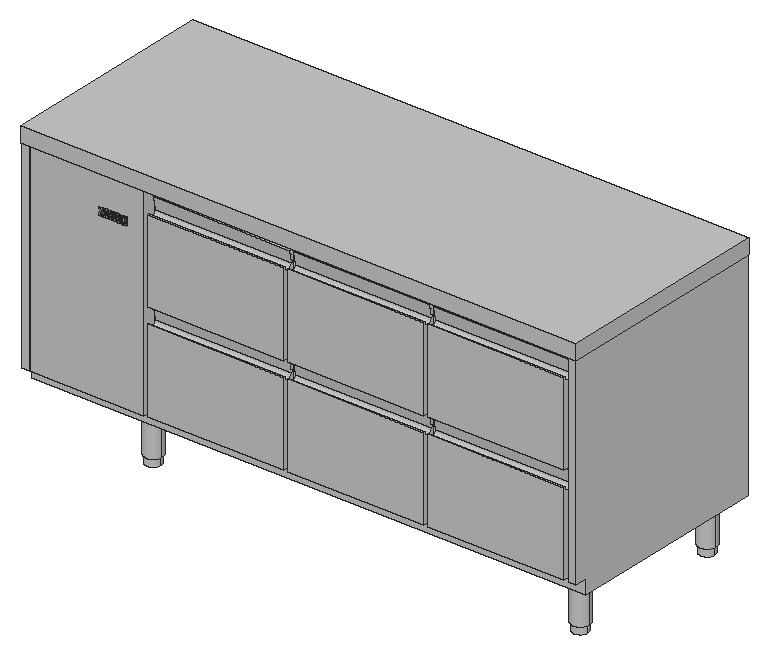
Revit family "QF_ZANUSSI_111047_ZH3HBBBB", category Specialty Equipment, Revit 2018
Family settings
  Round Connector Dimension = Use Diameter
  Part Type = Normal
  Work Plane-Based = No
  Always vertical = Yes
  Cut with Voids When Loaded = No
  Shared = No
  Room Calculation Point = No
Parameters
  Weight = 0.00 kg
  Watts = 0.0232258 W
  Volts = 220 V
  URL Manufacturer = "http://www.zanussiprofessional.com/"
  URL = "http://www.zanussiprofessional.com/"
  Steam Supply Size = 0 mm
  Steam Supply Minimum Pressure = 0.0 Pa
  Steam Supply Maximum Pressure = 0.0 Pa
  Steam Pounds per Hour = 0
  Show Logo [instance] = yes
  Show Clearance [instance] = yes
  Refrigeration Suction Line Size = 0 mm
  Refrigeration Liquid Line Size = 0 mm
  Refrigerant Compressor Remote = yes
  Manufacturer = "Zanussi"
  Phase = 1
  Model = "ZH3HBBBB"
  Length Actual = 1799 mm  # constant formula
  Item Number = "111047"
  Hot Water Size = 0 mm
  Height Actual = 900 mm  # constant formula
  HP = "0.3 HP"
  Gas Size = 0 mm
  Gas KW = 0
  Gas Input Pressure = 0 W
  Description = "6 DRAWERS REFRIG.TABLE 440L"
  Depth Actual = 700 mm  # constant formula
  Cycle = 50 Hz
  Condensate Return Size = 0 mm
  Compressed Air Volume = 0.0 L/s
  Compressed Air Size = 0 mm
  Compressed Air Pressure = 0.0 Pa
  Cold Water Size = 0 mm
  Accessory = yes
Reference planes
  plane 1 "Center X": y = 182.5
  plane 2: z = 0
  plane 3 "Center Y": x = -353.5
  plane 4: y = -62.5
  plane 5: y = 451.5
  plane 6 "BACK": y = 532.5
  plane 7 "FRONT": y = -167.5
  plane 8: x = -906
  plane 9: x = 478
  plane 10: z = 150
  plane 11 "TOP": z = 900
  plane 12: z = 850
  plane 13 "LEFT": x = -1251
  plane 14 "RIGHT": x = 544
  plane 15: x = -1253
  plane 16: x = 546
Forms (mm)
  Extrusion 1, solid, material "QF_Finishes_Stainless Steel"
    sketch origin (-353.5, 2, 0) x (0, 1, 0) y (0, 0, 1)
      loop
        line (530.5, 150) -> (530.5, 850) -> (-124.5, 850) -> (-124.5, 150) -> (530.5, 150)
    from -897.5 to 897.5
  Extrusion 2, solid, material "QF_Finishes_Stainless Steel"
    sketch origin (-1022.223, -1524, 150) x (-1, 0, 0) y (0, -1, 0)
      loop
        line (228.777, -1361.5) -> (203.777, -1361.5) -> (203.777, -1401.5) -> (228.777, -1401.5) -> (228.777, -1361.5)
      loop
        line (-1566.223, -1401.5) -> (-1541.223, -1401.5) -> (-1541.223, -1361.5) -> (-1566.223, -1361.5) -> (-1566.223, -1401.5)
    from 47 to 700
  Extrusion 3, solid, material "QF_Finishes_Stainless Steel"
    sketch origin (0, 0, 900) x (-1, 0, 0) y (0, -1, 0)
      loop
        circle (170, -94.5) r 8.45
    from -790.577 to -750
  Extrusion 4, solid, material "QF_Finishes_Stainless Steel"
    sketch origin (0, 0, 0) x (1, 0, 0) y (0, 1, 0)
      loop
        circle (-1167, 451.5) r 4
    from 109.423 to 150
  Extrusion 5, solid, material "QF_Finishes_Stainless Steel"
    sketch origin (-126.5, 0, 0) x (0, 1, 0) y (0, 0, 1)
      loop
        line (-167.5, 900) -> (-167.5, 850) -> (532.5, 850) -> (532.5, 900) -> (-167.5, 900)
    from 672.5 to -1126.5
Cuts and joins
  joined: Extrusion 1, Extrusion 2
Lines and regions (mm)
  symbolic lines, style "SpecialityEquipmentHiddenLines"
    curve 1: line (-1253, -122.5, 900) -> (546, -122.5, 900)
    curve 2: line (-850, -167.5, 900) -> (-850, -122.5, 900)
  symbolic lines, style "SpecialityEquipment"
    curve 3: line (-1253, 532.5, 900) -> (546, 532.5, 900)
    curve 4: line (-1253, 532.5, 900) -> (-1253, -167.5, 900)
    curve 5: line (-1253, -167.5, 900) -> (546, -167.5, 900)
    curve 6: line (546, -167.5, 900) -> (546, 532.5, 900)
Dimensions and locks
  locked: plane 6 "BACK" to plane 7 "FRONT" at 700
  equal spacing: plane 6 "BACK", plane 1 "Center X", plane 7 "FRONT"
  locked: plane 6 "BACK" to plane 5 at 81
  plane 10 to level = 150 mm
  plane 11 "TOP" to plane 12 to plane 10 = 50 mm locked, 700 mm locked
  locked: Extrusion 2 sketch curve to Extrusion 2 sketch curve at 25  (x2)
  locked: plane 4 to plane 7 "FRONT" at 105
  locked: plane 6 "BACK" to Extrusion 3 sketch curve at 438
  equal spacing: plane 13 "LEFT", plane 3 "Center Y", plane 14 "RIGHT"
  plane 15 to plane 16 = 1799 mm
  locked: plane 13 "LEFT" to plane 8 at 345
  locked: plane 9 to plane 14 "RIGHT" at 66
  Extrusion 3 sketch curve to plane 14 "RIGHT" = 714 mm
  plane 13 "LEFT" to Extrusion 4 sketch curve = 84 mm
  locked: plane 6 "BACK" to Extrusion 4 sketch curve at 81
  locked: plane 10 to Extrusion 4 at 40.577
  aligned and locked: level to plane 2
  aligned and locked: plane 10 to Extrusion 3
  aligned and locked: nested 4 to plane 4
  aligned and locked: nested 1 to plane 4
  aligned and locked: nested 3 to plane 5
  aligned and locked: nested 2 to plane 5
  aligned and locked: plane 8 to nested 1
  aligned and locked: plane 8 to nested 2
  aligned and locked: plane 9 to nested 4
  aligned and locked: plane 9 to nested 3
  aligned and locked: Extrusion 1 to Extrusion 2
  aligned and locked: Extrusion 2 to Extrusion 1
  aligned and locked: Extrusion 2 sketch curve to plane 14 "RIGHT"
  aligned and locked: plane 13 "LEFT" to Extrusion 2 sketch curve
  aligned and locked: cut or joined group of Extrusion 1, Extrusion 2 to plane 10
  aligned and locked: plane 12 to cut or joined group of Extrusion 1, Extrusion 2
  aligned and locked: plane 10 to Extrusion 4
Automatic sketch dimensions
  plane 7 "FRONT" to Extrusion 2 sketch curve = 45 mm  (x2)
  plane 7 "FRONT" to Extrusion 2 sketch curve = 5 mm  (x2)
  Extrusion 1 sketch curve to plane 10 = 0 mm
  Extrusion 1 sketch curve to plane 12 = 0 mm
  Extrusion 1 sketch curve to plane 6 "BACK" = 0 mm
  plane 7 "FRONT" to Extrusion 1 sketch curve = 45 mm
  Extrusion 5 sketch curve to plane 7 "FRONT" = 0 mm
  Extrusion 5 sketch curve to plane 6 "BACK" = 0 mm
  Extrusion 5 sketch curve to plane 12 = 0 mm
  Extrusion 5 sketch curve to plane 11 "TOP" = 0 mm
  curve 6 to plane 6 "BACK" = 0 mm
  curve 6 to plane 16 = 0 mm
  curve 2 to plane 7 "FRONT" = 0 mm
  curve 5 to plane 15 = 0 mm
  plane 8 to curve 2 = 56 mm
  curve 1 to curve 4 = 45 mm
  radius of Extrusion 3 sketch curve = 8.45 mm
  radius of Extrusion 4 sketch curve = 4 mm
Nested families
  nested 1: "Foot_Ø50_H150" at (-906, -62.5, 0), type "Foot_Ø50_H150"
  nested 2: "Foot_Ø50_H150" at (-906, 451.5, 0), type "Foot_Ø50_H150"
  nested 3: "Foot_Ø50_H150" at (478, 451.5, 0), type "Foot_Ø50_H150"
  nested 4: "Foot_Ø50_H150" at (478, -62.5, 0), type "Foot_Ø50_H150"
  nested 5: "2 Drawers" at (285, -164.5, 0), Show Clearance <- "Show Clearance", type "2 Drawers"
  nested 6: "2 Drawers" at (-169, -164.5, 0), Show Clearance <- "Show Clearance", type "2 Drawers"
  nested 7: "Refrigerator" at (544, -167.5, 900), type "Refrigerator"
  nested 8: "ZAN_Cooling Unit" at (-1041.5, -164.5, 0), Show Logo <- "Show Logo", type "ZAN_Cooling Unit"
  nested 9: "2 Drawers" at (-623, -164.5, 0) x (-1, 0, 0) z (0, 0, 1), Show Clearance <- "Show Clearance", type "2 Drawers"
Connectors
  electrical at (-1167, 451.5, 109.423), driven by "Volts"
    settings: on Extrusion 4, index 4, voltage 220 V, apparent load 0 VA, apparent load phase1 0 VA, apparent load phase2 0 VA, apparent load phase3 0 VA, power factor 1, load classification "Altro", number of poles 1, system type 30, power factor state 1, is connector primary yes, connector utility no, sub classification motor no, connector description "Electrical Connection"
  piping at (-170, 94.5, 109.423), diameter 17
    settings: on Extrusion 3, index 5, connector inside diameter 609.6 mm, connector length 0 mm, flow factor 0, pipe flow 0.0 L/s, pressure drop 0.0 Pa, fitting loss kfactor 0, connector angle 0.00°, fixture units 0, engagement length 0 mm, angle of deflection 0.00°, flow configuration 1, flow direction 2, fitting loss method 0, system type 16, joint type 0, gender type 0, connector reference index -1, connector utility 0, adjustable connector no, is connector primary yes, connector description "Drain"
Definition of nested family "Foot_Ø50_H150"
  Reference planes
    plane 1 "Centro (Fronte/Retro)": y = 0
    plane 2: z = 0
    plane 3 "Centro (Sinistra/Destra)": x = 0
    plane 4: z = 150
  Forms (mm)
    Revolve 1, solid
      sketch origin (255.05, 0, 608.09) x (0, 0, 1) y (-1, 0, 0)
        loop
          line (-608.09, 255.05) -> (-608.09, 230.05) -> (-583.09, 230.05) -> (-583.09, 226.05) -> (-458.09, 226.05) -> (-458.09, 255.05) -> (-608.09, 255.05)
        axis (-608.09, 255.05) -> (-458.09, 255.05)
      angle from 0 to 360
  Dimensions and locks
    locked: Revolve 1 sketch curve to Revolve 1 sketch curve at 125
    aligned and locked: level to plane 2
    aligned and locked: plane 4 to Revolve 1 sketch curve
    aligned and locked: Revolve 1 sketch curve to level
    aligned and locked: plane 3 "Centro (Sinistra/Destra)" to Revolve 1 sketch curve
Definition of nested family "2 Drawers"
  Parameters
    Show Clearance [instance] = yes
  Reference planes
    plane 1 "FRONT": y = -3
    plane 2: z = 0
    plane 3 "Centro (Sinistra/Destra)": x = 0
    plane 4: z = 150
    plane 5: z = 850
    plane 6: x = -234
    plane 7: x = 234
    plane 8: x = -220
    plane 9: x = 220
  Forms (mm)
    Extrusion 1, solid
      sketch origin (0, 55, 511) x (0, 0, 1) y (0, -1, 0)
        loop
          line (314, 18) -> (314, 29) -> (274.395, 22.5)
          arc (274.395, 22.5) -> (260.395, 36.5) -> (274.395, 50.5) r 14
          line (274.395, 50.5) -> (274.395, 53) -> (5, 53) -> (5, 18) -> (314, 18)
        loop
          line (-5, 29) -> (-44.605, 22.5)
          arc (-44.605, 22.5) -> (-58.605, 36.5) -> (-44.605, 50.5) r 14
          line (-44.605, 50.5) -> (-44.605, 53) -> (-314, 53) -> (-314, 18) -> (-5, 18) -> (-5, 29)
      from -220 to 220
    Extrusion 2, solid, visible <- "Show Clearance", detail levels coarse
      sketch origin (0, -462, 511) x (0, 0, 1) y (0, -1, 0)
        loop
          line (-314, 109) -> (-314, -464) -> (-5, -464) -> (-5, 109) -> (-314, 109)
        loop
          line (314, -464) -> (314, 109) -> (5, 109) -> (5, -464) -> (314, -464)
      from -220 to 220
  Lines and regions (mm)
    symbolic lines
      curve 1: line (-190, -3, 0) -> (-190, -88, 0)
      curve 2: line (190, -88, 0) -> (190, -3, 0)
      curve 3: line (220, -88, 0) -> (-220, -88, 0)
      curve 4: line (-220, -88, 0) -> (-220, -123, 0)
      curve 5: line (-220, -123, 0) -> (220, -123, 0)
      curve 6: line (220, -123, 0) -> (220, -88, 0)
      curve 7: line (-190, -123, 0) -> (-190, -208, 0)
      curve 8: line (220, -208, 0) -> (-220, -208, 0)
      curve 9: line (-220, -208, 0) -> (-220, -243, 0)
      curve 10: line (-220, -243, 0) -> (220, -243, 0)
      curve 11: line (220, -243, 0) -> (220, -208, 0)
      curve 12: line (190, -208, 0) -> (190, -123, 0)
  Dimensions and locks
    aligned and locked: level to plane 2
Definition of nested family "ZAN_Cooling Unit"
  Parameters
    Show Logo [instance] = yes
  Reference planes
    plane 1 "FRONT": y = -3
    plane 2: z = 0
    plane 3 "Centro (Sinistra/Destra)": x = 0
    plane 4: z = 150
    plane 5: z = 850
    plane 6: x = -184.5
    plane 7: x = 184.5
  Forms (mm)
    Extrusion 1, solid
      sketch origin (0, 55, 511) x (0, 0, 1) y (0, -1, 0)
        loop
          line (-314, 53) -> (-314, 13) -> (339, 13) -> (339, 53) -> (-314, 53)
      from -184.5 to 184.5
  Lines and regions (mm)
    Split face 1
      outline origin (0, 2, 197) x (0, 0, 1) y (-1, 0, 0)
        loop
          line (566.835, 184.5) -> (566.835, -184.5)
        loop
          line (521.835, 184.5) -> (521.835, -184.5)
    Split face 2
      outline origin (0, 2, 197) x (0, 0, 1) y (-1, 0, 0)
        loop
          arc (510.649, 158.547) -> (506.648, 162.548) -> (502.647, 158.547) r 4.001
          line (502.647, 158.547) -> (502.647, 116.535)
          arc (502.647, 116.535) -> (506.648, 112.533) -> (510.649, 116.535) r 4.001
          line (510.649, 116.535) -> (510.649, 158.547)
    Split face 3
      outline origin (0, 2, 184.996) x (0, 0, 1) y (-1, 0, 0)
        loop
          arc (510.649, 158.547) -> (506.648, 162.548) -> (502.647, 158.547) r 4.001
          line (502.647, 158.547) -> (502.647, 116.535)
          arc (502.647, 116.535) -> (506.648, 112.533) -> (510.649, 116.535) r 4.001
          line (510.649, 116.535) -> (510.649, 158.547)
    Split face 4
      outline origin (0, 2, 172.993) x (0, 0, 1) y (-1, 0, 0)
        loop
          arc (510.649, 158.547) -> (506.648, 162.548) -> (502.647, 158.547) r 4.001
          line (502.647, 158.547) -> (502.647, 116.535)
          arc (502.647, 116.535) -> (506.648, 112.533) -> (510.649, 116.535) r 4.001
          line (510.649, 116.535) -> (510.649, 158.547)
    Split face 5
      outline origin (0, 2, 160.989) x (0, 0, 1) y (-1, 0, 0)
        loop
          arc (510.649, 158.547) -> (506.648, 162.548) -> (502.647, 158.547) r 4.001
          line (502.647, 158.547) -> (502.647, 116.535)
          arc (502.647, 116.535) -> (506.648, 112.533) -> (510.649, 116.535) r 4.001
          line (510.649, 116.535) -> (510.649, 158.547)
    Split face 6
      outline origin (0, 2, 148.986) x (0, 0, 1) y (-1, 0, 0)
        loop
          arc (510.649, 158.547) -> (506.648, 162.548) -> (502.647, 158.547) r 4.001
          line (502.647, 158.547) -> (502.647, 116.535)
          arc (502.647, 116.535) -> (506.648, 112.533) -> (510.649, 116.535) r 4.001
          line (510.649, 116.535) -> (510.649, 158.547)
    Split face 7
      outline origin (0, 2, 136.982) x (0, 0, 1) y (-1, 0, 0)
        loop
          arc (510.649, 158.547) -> (506.648, 162.548) -> (502.647, 158.547) r 4.001
          line (502.647, 158.547) -> (502.647, 116.535)
          arc (502.647, 116.535) -> (506.648, 112.533) -> (510.649, 116.535) r 4.001
          line (510.649, 116.535) -> (510.649, 158.547)
    Split face 8
      outline origin (0, 2, 124.979) x (0, 0, 1) y (-1, 0, 0)
        loop
          arc (510.649, 158.547) -> (506.648, 162.548) -> (502.647, 158.547) r 4.001
          line (502.647, 158.547) -> (502.647, 116.535)
          arc (502.647, 116.535) -> (506.648, 112.533) -> (510.649, 116.535) r 4.001
          line (510.649, 116.535) -> (510.649, 158.547)
    Split face 9
      outline origin (0, 2, 112.975) x (0, 0, 1) y (-1, 0, 0)
        loop
          arc (510.649, 158.547) -> (506.648, 162.548) -> (502.647, 158.547) r 4.001
          line (502.647, 158.547) -> (502.647, 116.535)
          arc (502.647, 116.535) -> (506.648, 112.533) -> (510.649, 116.535) r 4.001
          line (510.649, 116.535) -> (510.649, 158.547)
    Split face 10
      outline origin (0, 2, 100.972) x (0, 0, 1) y (-1, 0, 0)
        loop
          arc (510.649, 158.547) -> (506.648, 162.548) -> (502.647, 158.547) r 4.001
          line (502.647, 158.547) -> (502.647, 116.535)
          arc (502.647, 116.535) -> (506.648, 112.533) -> (510.649, 116.535) r 4.001
          line (510.649, 116.535) -> (510.649, 158.547)
    Split face 11
      outline origin (0, 2, 88.968) x (0, 0, 1) y (-1, 0, 0)
        loop
          arc (510.649, 158.547) -> (506.648, 162.548) -> (502.647, 158.547) r 4.001
          line (502.647, 158.547) -> (502.647, 116.535)
          arc (502.647, 116.535) -> (506.648, 112.533) -> (510.649, 116.535) r 4.001
          line (510.649, 116.535) -> (510.649, 158.547)
    Split face 12
      outline origin (0, 2, 76.965) x (0, 0, 1) y (-1, 0, 0)
        loop
          arc (510.649, 158.547) -> (506.648, 162.548) -> (502.647, 158.547) r 4.001
          line (502.647, 158.547) -> (502.647, 116.535)
          arc (502.647, 116.535) -> (506.648, 112.533) -> (510.649, 116.535) r 4.001
          line (510.649, 116.535) -> (510.649, 158.547)
    Split face 13
      outline origin (0, 2, 64.961) x (0, 0, 1) y (-1, 0, 0)
        loop
          arc (510.649, 158.547) -> (506.648, 162.548) -> (502.647, 158.547) r 4.001
          line (502.647, 158.547) -> (502.647, 116.535)
          arc (502.647, 116.535) -> (506.648, 112.533) -> (510.649, 116.535) r 4.001
          line (510.649, 116.535) -> (510.649, 158.547)
    Split face 14
      outline origin (0, 2, 52.958) x (0, 0, 1) y (-1, 0, 0)
        loop
          arc (510.649, 158.547) -> (506.648, 162.548) -> (502.647, 158.547) r 4.001
          line (502.647, 158.547) -> (502.647, 116.535)
          arc (502.647, 116.535) -> (506.648, 112.533) -> (510.649, 116.535) r 4.001
          line (510.649, 116.535) -> (510.649, 158.547)
    Split face 15
      outline origin (0, 2, 40.954) x (0, 0, 1) y (-1, 0, 0)
        loop
          arc (510.649, 158.547) -> (506.648, 162.548) -> (502.647, 158.547) r 4.001
          line (502.647, 158.547) -> (502.647, 116.535)
          arc (502.647, 116.535) -> (506.648, 112.533) -> (510.649, 116.535) r 4.001
          line (510.649, 116.535) -> (510.649, 158.547)
    Split face 16
      outline origin (0, 2, 28.951) x (0, 0, 1) y (-1, 0, 0)
        loop
          arc (510.649, 158.547) -> (506.648, 162.548) -> (502.647, 158.547) r 4.001
          line (502.647, 158.547) -> (502.647, 116.535)
          arc (502.647, 116.535) -> (506.648, 112.533) -> (510.649, 116.535) r 4.001
          line (510.649, 116.535) -> (510.649, 158.547)
    Split face 17
      outline origin (0, 2, 16.947) x (0, 0, 1) y (-1, 0, 0)
        loop
          arc (510.649, 158.547) -> (506.648, 162.548) -> (502.647, 158.547) r 4.001
          line (502.647, 158.547) -> (502.647, 116.535)
          arc (502.647, 116.535) -> (506.648, 112.533) -> (510.649, 116.535) r 4.001
          line (510.649, 116.535) -> (510.649, 158.547)
    Split face 18
      outline origin (55.016, 2, 197) x (0, 0, 1) y (-1, 0, 0)
        loop
          arc (510.649, 158.547) -> (506.648, 162.548) -> (502.647, 158.547) r 4.001
          line (502.647, 158.547) -> (502.647, 116.535)
          arc (502.647, 116.535) -> (506.648, 112.533) -> (510.649, 116.535) r 4.001
          line (510.649, 116.535) -> (510.649, 158.547)
    Split face 19
      outline origin (55.016, 2, 184.996) x (0, 0, 1) y (-1, 0, 0)
        loop
          arc (510.649, 158.547) -> (506.648, 162.548) -> (502.647, 158.547) r 4.001
          line (502.647, 158.547) -> (502.647, 116.535)
          arc (502.647, 116.535) -> (506.648, 112.533) -> (510.649, 116.535) r 4.001
          line (510.649, 116.535) -> (510.649, 158.547)
    Split face 20
      outline origin (55.016, 2, 172.993) x (0, 0, 1) y (-1, 0, 0)
        loop
          arc (510.649, 158.547) -> (506.648, 162.548) -> (502.647, 158.547) r 4.001
          line (502.647, 158.547) -> (502.647, 116.535)
          arc (502.647, 116.535) -> (506.648, 112.533) -> (510.649, 116.535) r 4.001
          line (510.649, 116.535) -> (510.649, 158.547)
    Split face 21
      outline origin (55.016, 2, 160.989) x (0, 0, 1) y (-1, 0, 0)
        loop
          arc (510.649, 158.547) -> (506.648, 162.548) -> (502.647, 158.547) r 4.001
          line (502.647, 158.547) -> (502.647, 116.535)
          arc (502.647, 116.535) -> (506.648, 112.533) -> (510.649, 116.535) r 4.001
          line (510.649, 116.535) -> (510.649, 158.547)
    Split face 22
      outline origin (55.016, 2, 148.986) x (0, 0, 1) y (-1, 0, 0)
        loop
          arc (510.649, 158.547) -> (506.648, 162.548) -> (502.647, 158.547) r 4.001
          line (502.647, 158.547) -> (502.647, 116.535)
          arc (502.647, 116.535) -> (506.648, 112.533) -> (510.649, 116.535) r 4.001
          line (510.649, 116.535) -> (510.649, 158.547)
    Split face 23
      outline origin (55.016, 2, 136.982) x (0, 0, 1) y (-1, 0, 0)
        loop
          arc (510.649, 158.547) -> (506.648, 162.548) -> (502.647, 158.547) r 4.001
          line (502.647, 158.547) -> (502.647, 116.535)
          arc (502.647, 116.535) -> (506.648, 112.533) -> (510.649, 116.535) r 4.001
          line (510.649, 116.535) -> (510.649, 158.547)
    Split face 24
      outline origin (55.016, 2, 124.979) x (0, 0, 1) y (-1, 0, 0)
        loop
          arc (510.649, 158.547) -> (506.648, 162.548) -> (502.647, 158.547) r 4.001
          line (502.647, 158.547) -> (502.647, 116.535)
          arc (502.647, 116.535) -> (506.648, 112.533) -> (510.649, 116.535) r 4.001
          line (510.649, 116.535) -> (510.649, 158.547)
    Split face 25
      outline origin (55.016, 2, 112.975) x (0, 0, 1) y (-1, 0, 0)
        loop
          arc (510.649, 158.547) -> (506.648, 162.548) -> (502.647, 158.547) r 4.001
          line (502.647, 158.547) -> (502.647, 116.535)
          arc (502.647, 116.535) -> (506.648, 112.533) -> (510.649, 116.535) r 4.001
          line (510.649, 116.535) -> (510.649, 158.547)
    Split face 26
      outline origin (55.016, 2, 100.972) x (0, 0, 1) y (-1, 0, 0)
        loop
          arc (510.649, 158.547) -> (506.648, 162.548) -> (502.647, 158.547) r 4.001
          line (502.647, 158.547) -> (502.647, 116.535)
          arc (502.647, 116.535) -> (506.648, 112.533) -> (510.649, 116.535) r 4.001
          line (510.649, 116.535) -> (510.649, 158.547)
    Split face 27
      outline origin (55.016, 2, 88.968) x (0, 0, 1) y (-1, 0, 0)
        loop
          arc (510.649, 158.547) -> (506.648, 162.548) -> (502.647, 158.547) r 4.001
          line (502.647, 158.547) -> (502.647, 116.535)
          arc (502.647, 116.535) -> (506.648, 112.533) -> (510.649, 116.535) r 4.001
          line (510.649, 116.535) -> (510.649, 158.547)
    Split face 28
      outline origin (55.016, 2, 76.965) x (0, 0, 1) y (-1, 0, 0)
        loop
          arc (510.649, 158.547) -> (506.648, 162.548) -> (502.647, 158.547) r 4.001
          line (502.647, 158.547) -> (502.647, 116.535)
          arc (502.647, 116.535) -> (506.648, 112.533) -> (510.649, 116.535) r 4.001
          line (510.649, 116.535) -> (510.649, 158.547)
    Split face 29
      outline origin (55.016, 2, 64.961) x (0, 0, 1) y (-1, 0, 0)
        loop
          arc (510.649, 158.547) -> (506.648, 162.548) -> (502.647, 158.547) r 4.001
          line (502.647, 158.547) -> (502.647, 116.535)
          arc (502.647, 116.535) -> (506.648, 112.533) -> (510.649, 116.535) r 4.001
          line (510.649, 116.535) -> (510.649, 158.547)
    Split face 30
      outline origin (55.016, 2, 52.958) x (0, 0, 1) y (-1, 0, 0)
        loop
          arc (510.649, 158.547) -> (506.648, 162.548) -> (502.647, 158.547) r 4.001
          line (502.647, 158.547) -> (502.647, 116.535)
          arc (502.647, 116.535) -> (506.648, 112.533) -> (510.649, 116.535) r 4.001
          line (510.649, 116.535) -> (510.649, 158.547)
    Split face 31
      outline origin (55.016, 2, 40.954) x (0, 0, 1) y (-1, 0, 0)
        loop
          arc (510.649, 158.547) -> (506.648, 162.548) -> (502.647, 158.547) r 4.001
          line (502.647, 158.547) -> (502.647, 116.535)
          arc (502.647, 116.535) -> (506.648, 112.533) -> (510.649, 116.535) r 4.001
          line (510.649, 116.535) -> (510.649, 158.547)
    Split face 32
      outline origin (55.016, 2, 28.951) x (0, 0, 1) y (-1, 0, 0)
        loop
          arc (510.649, 158.547) -> (506.648, 162.548) -> (502.647, 158.547) r 4.001
          line (502.647, 158.547) -> (502.647, 116.535)
          arc (502.647, 116.535) -> (506.648, 112.533) -> (510.649, 116.535) r 4.001
          line (510.649, 116.535) -> (510.649, 158.547)
    Split face 33
      outline origin (55.016, 2, 16.947) x (0, 0, 1) y (-1, 0, 0)
        loop
          arc (510.649, 158.547) -> (506.648, 162.548) -> (502.647, 158.547) r 4.001
          line (502.647, 158.547) -> (502.647, 116.535)
          arc (502.647, 116.535) -> (506.648, 112.533) -> (510.649, 116.535) r 4.001
          line (510.649, 116.535) -> (510.649, 158.547)
    Split face 34
      outline origin (110.032, 2, 197) x (0, 0, 1) y (-1, 0, 0)
        loop
          arc (510.649, 158.547) -> (506.648, 162.548) -> (502.647, 158.547) r 4.001
          line (502.647, 158.547) -> (502.647, 116.535)
          arc (502.647, 116.535) -> (506.648, 112.533) -> (510.649, 116.535) r 4.001
          line (510.649, 116.535) -> (510.649, 158.547)
    Split face 35
      outline origin (110.032, 2, 184.996) x (0, 0, 1) y (-1, 0, 0)
        loop
          arc (510.649, 158.547) -> (506.648, 162.548) -> (502.647, 158.547) r 4.001
          line (502.647, 158.547) -> (502.647, 116.535)
          arc (502.647, 116.535) -> (506.648, 112.533) -> (510.649, 116.535) r 4.001
          line (510.649, 116.535) -> (510.649, 158.547)
    Split face 36
      outline origin (110.032, 2, 172.993) x (0, 0, 1) y (-1, 0, 0)
        loop
          arc (510.649, 158.547) -> (506.648, 162.548) -> (502.647, 158.547) r 4.001
          line (502.647, 158.547) -> (502.647, 116.535)
          arc (502.647, 116.535) -> (506.648, 112.533) -> (510.649, 116.535) r 4.001
          line (510.649, 116.535) -> (510.649, 158.547)
    Split face 37
      outline origin (110.032, 2, 160.989) x (0, 0, 1) y (-1, 0, 0)
        loop
          arc (510.649, 158.547) -> (506.648, 162.548) -> (502.647, 158.547) r 4.001
          line (502.647, 158.547) -> (502.647, 116.535)
          arc (502.647, 116.535) -> (506.648, 112.533) -> (510.649, 116.535) r 4.001
          line (510.649, 116.535) -> (510.649, 158.547)
    Split face 38
      outline origin (110.032, 2, 148.986) x (0, 0, 1) y (-1, 0, 0)
        loop
          arc (510.649, 158.547) -> (506.648, 162.548) -> (502.647, 158.547) r 4.001
          line (502.647, 158.547) -> (502.647, 116.535)
          arc (502.647, 116.535) -> (506.648, 112.533) -> (510.649, 116.535) r 4.001
          line (510.649, 116.535) -> (510.649, 158.547)
    Split face 39
      outline origin (110.032, 2, 136.982) x (0, 0, 1) y (-1, 0, 0)
        loop
          arc (510.649, 158.547) -> (506.648, 162.548) -> (502.647, 158.547) r 4.001
          line (502.647, 158.547) -> (502.647, 116.535)
          arc (502.647, 116.535) -> (506.648, 112.533) -> (510.649, 116.535) r 4.001
          line (510.649, 116.535) -> (510.649, 158.547)
    Split face 40
      outline origin (110.032, 2, 124.979) x (0, 0, 1) y (-1, 0, 0)
        loop
          arc (510.649, 158.547) -> (506.648, 162.548) -> (502.647, 158.547) r 4.001
          line (502.647, 158.547) -> (502.647, 116.535)
          arc (502.647, 116.535) -> (506.648, 112.533) -> (510.649, 116.535) r 4.001
          line (510.649, 116.535) -> (510.649, 158.547)
    Split face 41
      outline origin (110.032, 2, 112.975) x (0, 0, 1) y (-1, 0, 0)
        loop
          arc (510.649, 158.547) -> (506.648, 162.548) -> (502.647, 158.547) r 4.001
          line (502.647, 158.547) -> (502.647, 116.535)
          arc (502.647, 116.535) -> (506.648, 112.533) -> (510.649, 116.535) r 4.001
          line (510.649, 116.535) -> (510.649, 158.547)
    Split face 42
      outline origin (110.032, 2, 100.972) x (0, 0, 1) y (-1, 0, 0)
        loop
          arc (510.649, 158.547) -> (506.648, 162.548) -> (502.647, 158.547) r 4.001
          line (502.647, 158.547) -> (502.647, 116.535)
          arc (502.647, 116.535) -> (506.648, 112.533) -> (510.649, 116.535) r 4.001
          line (510.649, 116.535) -> (510.649, 158.547)
    Split face 43
      outline origin (110.032, 2, 88.968) x (0, 0, 1) y (-1, 0, 0)
        loop
          arc (510.649, 158.547) -> (506.648, 162.548) -> (502.647, 158.547) r 4.001
          line (502.647, 158.547) -> (502.647, 116.535)
          arc (502.647, 116.535) -> (506.648, 112.533) -> (510.649, 116.535) r 4.001
          line (510.649, 116.535) -> (510.649, 158.547)
    Split face 44
      outline origin (110.032, 2, 76.965) x (0, 0, 1) y (-1, 0, 0)
        loop
          arc (510.649, 158.547) -> (506.648, 162.548) -> (502.647, 158.547) r 4.001
          line (502.647, 158.547) -> (502.647, 116.535)
          arc (502.647, 116.535) -> (506.648, 112.533) -> (510.649, 116.535) r 4.001
          line (510.649, 116.535) -> (510.649, 158.547)
    Split face 45
      outline origin (110.032, 2, 64.961) x (0, 0, 1) y (-1, 0, 0)
        loop
          arc (510.649, 158.547) -> (506.648, 162.548) -> (502.647, 158.547) r 4.001
          line (502.647, 158.547) -> (502.647, 116.535)
          arc (502.647, 116.535) -> (506.648, 112.533) -> (510.649, 116.535) r 4.001
          line (510.649, 116.535) -> (510.649, 158.547)
    Split face 46
      outline origin (110.032, 2, 52.958) x (0, 0, 1) y (-1, 0, 0)
        loop
          arc (510.649, 158.547) -> (506.648, 162.548) -> (502.647, 158.547) r 4.001
          line (502.647, 158.547) -> (502.647, 116.535)
          arc (502.647, 116.535) -> (506.648, 112.533) -> (510.649, 116.535) r 4.001
          line (510.649, 116.535) -> (510.649, 158.547)
    Split face 47
      outline origin (110.032, 2, 40.954) x (0, 0, 1) y (-1, 0, 0)
        loop
          arc (510.649, 158.547) -> (506.648, 162.548) -> (502.647, 158.547) r 4.001
          line (502.647, 158.547) -> (502.647, 116.535)
          arc (502.647, 116.535) -> (506.648, 112.533) -> (510.649, 116.535) r 4.001
          line (510.649, 116.535) -> (510.649, 158.547)
    Split face 48
      outline origin (110.032, 2, 28.951) x (0, 0, 1) y (-1, 0, 0)
        loop
          arc (510.649, 158.547) -> (506.648, 162.548) -> (502.647, 158.547) r 4.001
          line (502.647, 158.547) -> (502.647, 116.535)
          arc (502.647, 116.535) -> (506.648, 112.533) -> (510.649, 116.535) r 4.001
          line (510.649, 116.535) -> (510.649, 158.547)
    Split face 49
      outline origin (110.032, 2, 16.947) x (0, 0, 1) y (-1, 0, 0)
        loop
          arc (510.649, 158.547) -> (506.648, 162.548) -> (502.647, 158.547) r 4.001
          line (502.647, 158.547) -> (502.647, 116.535)
          arc (502.647, 116.535) -> (506.648, 112.533) -> (510.649, 116.535) r 4.001
          line (510.649, 116.535) -> (510.649, 158.547)
    Split face 50
      outline origin (165.048, 2, 197) x (0, 0, 1) y (-1, 0, 0)
        loop
          arc (510.649, 158.547) -> (506.648, 162.548) -> (502.647, 158.547) r 4.001
          line (502.647, 158.547) -> (502.647, 116.535)
          arc (502.647, 116.535) -> (506.648, 112.533) -> (510.649, 116.535) r 4.001
          line (510.649, 116.535) -> (510.649, 158.547)
    Split face 51
      outline origin (165.048, 2, 184.996) x (0, 0, 1) y (-1, 0, 0)
        loop
          arc (510.649, 158.547) -> (506.648, 162.548) -> (502.647, 158.547) r 4.001
          line (502.647, 158.547) -> (502.647, 116.535)
          arc (502.647, 116.535) -> (506.648, 112.533) -> (510.649, 116.535) r 4.001
          line (510.649, 116.535) -> (510.649, 158.547)
    Split face 52
      outline origin (165.048, 2, 172.993) x (0, 0, 1) y (-1, 0, 0)
        loop
          arc (510.649, 158.547) -> (506.648, 162.548) -> (502.647, 158.547) r 4.001
          line (502.647, 158.547) -> (502.647, 116.535)
          arc (502.647, 116.535) -> (506.648, 112.533) -> (510.649, 116.535) r 4.001
          line (510.649, 116.535) -> (510.649, 158.547)
    Split face 53
      outline origin (165.048, 2, 160.989) x (0, 0, 1) y (-1, 0, 0)
        loop
          arc (510.649, 158.547) -> (506.648, 162.548) -> (502.647, 158.547) r 4.001
          line (502.647, 158.547) -> (502.647, 116.535)
          arc (502.647, 116.535) -> (506.648, 112.533) -> (510.649, 116.535) r 4.001
          line (510.649, 116.535) -> (510.649, 158.547)
    Split face 54
      outline origin (165.048, 2, 148.986) x (0, 0, 1) y (-1, 0, 0)
        loop
          arc (510.649, 158.547) -> (506.648, 162.548) -> (502.647, 158.547) r 4.001
          line (502.647, 158.547) -> (502.647, 116.535)
          arc (502.647, 116.535) -> (506.648, 112.533) -> (510.649, 116.535) r 4.001
          line (510.649, 116.535) -> (510.649, 158.547)
    Split face 55
      outline origin (165.048, 2, 136.982) x (0, 0, 1) y (-1, 0, 0)
        loop
          arc (510.649, 158.547) -> (506.648, 162.548) -> (502.647, 158.547) r 4.001
          line (502.647, 158.547) -> (502.647, 116.535)
          arc (502.647, 116.535) -> (506.648, 112.533) -> (510.649, 116.535) r 4.001
          line (510.649, 116.535) -> (510.649, 158.547)
    Split face 56
      outline origin (165.048, 2, 124.979) x (0, 0, 1) y (-1, 0, 0)
        loop
          arc (510.649, 158.547) -> (506.648, 162.548) -> (502.647, 158.547) r 4.001
          line (502.647, 158.547) -> (502.647, 116.535)
          arc (502.647, 116.535) -> (506.648, 112.533) -> (510.649, 116.535) r 4.001
          line (510.649, 116.535) -> (510.649, 158.547)
    Split face 57
      outline origin (165.048, 2, 112.975) x (0, 0, 1) y (-1, 0, 0)
        loop
          arc (510.649, 158.547) -> (506.648, 162.548) -> (502.647, 158.547) r 4.001
          line (502.647, 158.547) -> (502.647, 116.535)
          arc (502.647, 116.535) -> (506.648, 112.533) -> (510.649, 116.535) r 4.001
          line (510.649, 116.535) -> (510.649, 158.547)
    Split face 58
      outline origin (165.048, 2, 100.972) x (0, 0, 1) y (-1, 0, 0)
        loop
          arc (510.649, 158.547) -> (506.648, 162.548) -> (502.647, 158.547) r 4.001
          line (502.647, 158.547) -> (502.647, 116.535)
          arc (502.647, 116.535) -> (506.648, 112.533) -> (510.649, 116.535) r 4.001
          line (510.649, 116.535) -> (510.649, 158.547)
    Split face 59
      outline origin (165.048, 2, 88.968) x (0, 0, 1) y (-1, 0, 0)
        loop
          arc (510.649, 158.547) -> (506.648, 162.548) -> (502.647, 158.547) r 4.001
          line (502.647, 158.547) -> (502.647, 116.535)
          arc (502.647, 116.535) -> (506.648, 112.533) -> (510.649, 116.535) r 4.001
          line (510.649, 116.535) -> (510.649, 158.547)
    Split face 60
      outline origin (165.048, 2, 76.965) x (0, 0, 1) y (-1, 0, 0)
        loop
          arc (510.649, 158.547) -> (506.648, 162.548) -> (502.647, 158.547) r 4.001
          line (502.647, 158.547) -> (502.647, 116.535)
          arc (502.647, 116.535) -> (506.648, 112.533) -> (510.649, 116.535) r 4.001
          line (510.649, 116.535) -> (510.649, 158.547)
    Split face 61
      outline origin (165.048, 2, 64.961) x (0, 0, 1) y (-1, 0, 0)
        loop
          arc (510.649, 158.547) -> (506.648, 162.548) -> (502.647, 158.547) r 4.001
          line (502.647, 158.547) -> (502.647, 116.535)
          arc (502.647, 116.535) -> (506.648, 112.533) -> (510.649, 116.535) r 4.001
          line (510.649, 116.535) -> (510.649, 158.547)
    Split face 62
      outline origin (165.048, 2, 52.958) x (0, 0, 1) y (-1, 0, 0)
        loop
          arc (510.649, 158.547) -> (506.648, 162.548) -> (502.647, 158.547) r 4.001
          line (502.647, 158.547) -> (502.647, 116.535)
          arc (502.647, 116.535) -> (506.648, 112.533) -> (510.649, 116.535) r 4.001
          line (510.649, 116.535) -> (510.649, 158.547)
    Split face 63
      outline origin (165.048, 2, 40.954) x (0, 0, 1) y (-1, 0, 0)
        loop
          arc (510.649, 158.547) -> (506.648, 162.548) -> (502.647, 158.547) r 4.001
          line (502.647, 158.547) -> (502.647, 116.535)
          arc (502.647, 116.535) -> (506.648, 112.533) -> (510.649, 116.535) r 4.001
          line (510.649, 116.535) -> (510.649, 158.547)
    Split face 64
      outline origin (165.048, 2, 28.951) x (0, 0, 1) y (-1, 0, 0)
        loop
          arc (510.649, 158.547) -> (506.648, 162.548) -> (502.647, 158.547) r 4.001
          line (502.647, 158.547) -> (502.647, 116.535)
          arc (502.647, 116.535) -> (506.648, 112.533) -> (510.649, 116.535) r 4.001
          line (510.649, 116.535) -> (510.649, 158.547)
    Split face 65
      outline origin (165.048, 2, 16.947) x (0, 0, 1) y (-1, 0, 0)
        loop
          arc (510.649, 158.547) -> (506.648, 162.548) -> (502.647, 158.547) r 4.001
          line (502.647, 158.547) -> (502.647, 116.535)
          arc (502.647, 116.535) -> (506.648, 112.533) -> (510.649, 116.535) r 4.001
          line (510.649, 116.535) -> (510.649, 158.547)
    Split face 66
      outline origin (220.064, 2, 197) x (0, 0, 1) y (-1, 0, 0)
        loop
          arc (510.649, 158.547) -> (506.648, 162.548) -> (502.647, 158.547) r 4.001
          line (502.647, 158.547) -> (502.647, 116.535)
          arc (502.647, 116.535) -> (506.648, 112.533) -> (510.649, 116.535) r 4.001
          line (510.649, 116.535) -> (510.649, 158.547)
    Split face 67
      outline origin (220.064, 2, 184.996) x (0, 0, 1) y (-1, 0, 0)
        loop
          arc (510.649, 158.547) -> (506.648, 162.548) -> (502.647, 158.547) r 4.001
          line (502.647, 158.547) -> (502.647, 116.535)
          arc (502.647, 116.535) -> (506.648, 112.533) -> (510.649, 116.535) r 4.001
          line (510.649, 116.535) -> (510.649, 158.547)
    Split face 68
      outline origin (220.064, 2, 172.993) x (0, 0, 1) y (-1, 0, 0)
        loop
          arc (510.649, 158.547) -> (506.648, 162.548) -> (502.647, 158.547) r 4.001
          line (502.647, 158.547) -> (502.647, 116.535)
          arc (502.647, 116.535) -> (506.648, 112.533) -> (510.649, 116.535) r 4.001
          line (510.649, 116.535) -> (510.649, 158.547)
    Split face 69
      outline origin (220.064, 2, 160.989) x (0, 0, 1) y (-1, 0, 0)
        loop
          arc (510.649, 158.547) -> (506.648, 162.548) -> (502.647, 158.547) r 4.001
          line (502.647, 158.547) -> (502.647, 116.535)
          arc (502.647, 116.535) -> (506.648, 112.533) -> (510.649, 116.535) r 4.001
          line (510.649, 116.535) -> (510.649, 158.547)
    Split face 70
      outline origin (220.064, 2, 148.986) x (0, 0, 1) y (-1, 0, 0)
        loop
          arc (510.649, 158.547) -> (506.648, 162.548) -> (502.647, 158.547) r 4.001
          line (502.647, 158.547) -> (502.647, 116.535)
          arc (502.647, 116.535) -> (506.648, 112.533) -> (510.649, 116.535) r 4.001
          line (510.649, 116.535) -> (510.649, 158.547)
    Split face 71
      outline origin (220.064, 2, 136.982) x (0, 0, 1) y (-1, 0, 0)
        loop
          arc (510.649, 158.547) -> (506.648, 162.548) -> (502.647, 158.547) r 4.001
          line (502.647, 158.547) -> (502.647, 116.535)
          arc (502.647, 116.535) -> (506.648, 112.533) -> (510.649, 116.535) r 4.001
          line (510.649, 116.535) -> (510.649, 158.547)
    Split face 72
      outline origin (220.064, 2, 124.979) x (0, 0, 1) y (-1, 0, 0)
        loop
          arc (510.649, 158.547) -> (506.648, 162.548) -> (502.647, 158.547) r 4.001
          line (502.647, 158.547) -> (502.647, 116.535)
          arc (502.647, 116.535) -> (506.648, 112.533) -> (510.649, 116.535) r 4.001
          line (510.649, 116.535) -> (510.649, 158.547)
    Split face 73
      outline origin (220.064, 2, 112.975) x (0, 0, 1) y (-1, 0, 0)
        loop
          arc (510.649, 158.547) -> (506.648, 162.548) -> (502.647, 158.547) r 4.001
          line (502.647, 158.547) -> (502.647, 116.535)
          arc (502.647, 116.535) -> (506.648, 112.533) -> (510.649, 116.535) r 4.001
          line (510.649, 116.535) -> (510.649, 158.547)
    Split face 74
      outline origin (220.064, 2, 100.972) x (0, 0, 1) y (-1, 0, 0)
        loop
          arc (510.649, 158.547) -> (506.648, 162.548) -> (502.647, 158.547) r 4.001
          line (502.647, 158.547) -> (502.647, 116.535)
          arc (502.647, 116.535) -> (506.648, 112.533) -> (510.649, 116.535) r 4.001
          line (510.649, 116.535) -> (510.649, 158.547)
    Split face 75
      outline origin (220.064, 2, 88.968) x (0, 0, 1) y (-1, 0, 0)
        loop
          arc (510.649, 158.547) -> (506.648, 162.548) -> (502.647, 158.547) r 4.001
          line (502.647, 158.547) -> (502.647, 116.535)
          arc (502.647, 116.535) -> (506.648, 112.533) -> (510.649, 116.535) r 4.001
          line (510.649, 116.535) -> (510.649, 158.547)
    Split face 76
      outline origin (220.064, 2, 76.965) x (0, 0, 1) y (-1, 0, 0)
        loop
          arc (510.649, 158.547) -> (506.648, 162.548) -> (502.647, 158.547) r 4.001
          line (502.647, 158.547) -> (502.647, 116.535)
          arc (502.647, 116.535) -> (506.648, 112.533) -> (510.649, 116.535) r 4.001
          line (510.649, 116.535) -> (510.649, 158.547)
    Split face 77
      outline origin (220.064, 2, 64.961) x (0, 0, 1) y (-1, 0, 0)
        loop
          arc (510.649, 158.547) -> (506.648, 162.548) -> (502.647, 158.547) r 4.001
          line (502.647, 158.547) -> (502.647, 116.535)
          arc (502.647, 116.535) -> (506.648, 112.533) -> (510.649, 116.535) r 4.001
          line (510.649, 116.535) -> (510.649, 158.547)
    Split face 78
      outline origin (220.064, 2, 52.958) x (0, 0, 1) y (-1, 0, 0)
        loop
          arc (510.649, 158.547) -> (506.648, 162.548) -> (502.647, 158.547) r 4.001
          line (502.647, 158.547) -> (502.647, 116.535)
          arc (502.647, 116.535) -> (506.648, 112.533) -> (510.649, 116.535) r 4.001
          line (510.649, 116.535) -> (510.649, 158.547)
    Split face 79
      outline origin (220.064, 2, 40.954) x (0, 0, 1) y (-1, 0, 0)
        loop
          arc (510.649, 158.547) -> (506.648, 162.548) -> (502.647, 158.547) r 4.001
          line (502.647, 158.547) -> (502.647, 116.535)
          arc (502.647, 116.535) -> (506.648, 112.533) -> (510.649, 116.535) r 4.001
          line (510.649, 116.535) -> (510.649, 158.547)
    Split face 80
      outline origin (220.064, 2, 28.951) x (0, 0, 1) y (-1, 0, 0)
        loop
          arc (510.649, 158.547) -> (506.648, 162.548) -> (502.647, 158.547) r 4.001
          line (502.647, 158.547) -> (502.647, 116.535)
          arc (502.647, 116.535) -> (506.648, 112.533) -> (510.649, 116.535) r 4.001
          line (510.649, 116.535) -> (510.649, 158.547)
    Split face 81
      outline origin (220.064, 2, 16.947) x (0, 0, 1) y (-1, 0, 0)
        loop
          arc (510.649, 158.547) -> (506.648, 162.548) -> (502.647, 158.547) r 4.001
          line (502.647, 158.547) -> (502.647, 116.535)
          arc (502.647, 116.535) -> (506.648, 112.533) -> (510.649, 116.535) r 4.001
          line (510.649, 116.535) -> (510.649, 158.547)
    Split face 82
      outline origin (275.081, 2, 197) x (0, 0, 1) y (-1, 0, 0)
        loop
          arc (510.649, 158.547) -> (506.648, 162.548) -> (502.647, 158.547) r 4.001
          line (502.647, 158.547) -> (502.647, 116.535)
          arc (502.647, 116.535) -> (506.648, 112.533) -> (510.649, 116.535) r 4.001
          line (510.649, 116.535) -> (510.649, 158.547)
    Split face 83
      outline origin (275.081, 2, 184.996) x (0, 0, 1) y (-1, 0, 0)
        loop
          arc (510.649, 158.547) -> (506.648, 162.548) -> (502.647, 158.547) r 4.001
          line (502.647, 158.547) -> (502.647, 116.535)
          arc (502.647, 116.535) -> (506.648, 112.533) -> (510.649, 116.535) r 4.001
          line (510.649, 116.535) -> (510.649, 158.547)
    Split face 84
      outline origin (275.081, 2, 172.993) x (0, 0, 1) y (-1, 0, 0)
        loop
          arc (510.649, 158.547) -> (506.648, 162.548) -> (502.647, 158.547) r 4.001
          line (502.647, 158.547) -> (502.647, 116.535)
          arc (502.647, 116.535) -> (506.648, 112.533) -> (510.649, 116.535) r 4.001
          line (510.649, 116.535) -> (510.649, 158.547)
    Split face 85
      outline origin (275.081, 2, 160.989) x (0, 0, 1) y (-1, 0, 0)
        loop
          arc (510.649, 158.547) -> (506.648, 162.548) -> (502.647, 158.547) r 4.001
          line (502.647, 158.547) -> (502.647, 116.535)
          arc (502.647, 116.535) -> (506.648, 112.533) -> (510.649, 116.535) r 4.001
          line (510.649, 116.535) -> (510.649, 158.547)
    Split face 86
      outline origin (275.081, 2, 148.986) x (0, 0, 1) y (-1, 0, 0)
        loop
          arc (510.649, 158.547) -> (506.648, 162.548) -> (502.647, 158.547) r 4.001
          line (502.647, 158.547) -> (502.647, 116.535)
          arc (502.647, 116.535) -> (506.648, 112.533) -> (510.649, 116.535) r 4.001
          line (510.649, 116.535) -> (510.649, 158.547)
    Split face 87
      outline origin (275.081, 2, 136.982) x (0, 0, 1) y (-1, 0, 0)
        loop
          arc (510.649, 158.547) -> (506.648, 162.548) -> (502.647, 158.547) r 4.001
          line (502.647, 158.547) -> (502.647, 116.535)
          arc (502.647, 116.535) -> (506.648, 112.533) -> (510.649, 116.535) r 4.001
          line (510.649, 116.535) -> (510.649, 158.547)
    Split face 88
      outline origin (275.081, 2, 124.979) x (0, 0, 1) y (-1, 0, 0)
        loop
          arc (510.649, 158.547) -> (506.648, 162.548) -> (502.647, 158.547) r 4.001
          line (502.647, 158.547) -> (502.647, 116.535)
          arc (502.647, 116.535) -> (506.648, 112.533) -> (510.649, 116.535) r 4.001
          line (510.649, 116.535) -> (510.649, 158.547)
    Split face 89
      outline origin (275.081, 2, 112.975) x (0, 0, 1) y (-1, 0, 0)
        loop
          arc (510.649, 158.547) -> (506.648, 162.548) -> (502.647, 158.547) r 4.001
          line (502.647, 158.547) -> (502.647, 116.535)
          arc (502.647, 116.535) -> (506.648, 112.533) -> (510.649, 116.535) r 4.001
          line (510.649, 116.535) -> (510.649, 158.547)
    Split face 90
      outline origin (275.081, 2, 100.972) x (0, 0, 1) y (-1, 0, 0)
        loop
          arc (510.649, 158.547) -> (506.648, 162.548) -> (502.647, 158.547) r 4.001
          line (502.647, 158.547) -> (502.647, 116.535)
          arc (502.647, 116.535) -> (506.648, 112.533) -> (510.649, 116.535) r 4.001
          line (510.649, 116.535) -> (510.649, 158.547)
    Split face 91
      outline origin (275.081, 2, 88.968) x (0, 0, 1) y (-1, 0, 0)
        loop
          arc (510.649, 158.547) -> (506.648, 162.548) -> (502.647, 158.547) r 4.001
          line (502.647, 158.547) -> (502.647, 116.535)
          arc (502.647, 116.535) -> (506.648, 112.533) -> (510.649, 116.535) r 4.001
          line (510.649, 116.535) -> (510.649, 158.547)
    Split face 92
      outline origin (275.081, 2, 76.965) x (0, 0, 1) y (-1, 0, 0)
        loop
          arc (510.649, 158.547) -> (506.648, 162.548) -> (502.647, 158.547) r 4.001
          line (502.647, 158.547) -> (502.647, 116.535)
          arc (502.647, 116.535) -> (506.648, 112.533) -> (510.649, 116.535) r 4.001
          line (510.649, 116.535) -> (510.649, 158.547)
    Split face 93
      outline origin (275.081, 2, 64.961) x (0, 0, 1) y (-1, 0, 0)
        loop
          arc (510.649, 158.547) -> (506.648, 162.548) -> (502.647, 158.547) r 4.001
          line (502.647, 158.547) -> (502.647, 116.535)
          arc (502.647, 116.535) -> (506.648, 112.533) -> (510.649, 116.535) r 4.001
          line (510.649, 116.535) -> (510.649, 158.547)
    Split face 94
      outline origin (275.081, 2, 52.958) x (0, 0, 1) y (-1, 0, 0)
        loop
          arc (510.649, 158.547) -> (506.648, 162.548) -> (502.647, 158.547) r 4.001
          line (502.647, 158.547) -> (502.647, 116.535)
          arc (502.647, 116.535) -> (506.648, 112.533) -> (510.649, 116.535) r 4.001
          line (510.649, 116.535) -> (510.649, 158.547)
    Split face 95
      outline origin (275.081, 2, 40.954) x (0, 0, 1) y (-1, 0, 0)
        loop
          arc (510.649, 158.547) -> (506.648, 162.548) -> (502.647, 158.547) r 4.001
          line (502.647, 158.547) -> (502.647, 116.535)
          arc (502.647, 116.535) -> (506.648, 112.533) -> (510.649, 116.535) r 4.001
          line (510.649, 116.535) -> (510.649, 158.547)
    Split face 96
      outline origin (275.081, 2, 28.951) x (0, 0, 1) y (-1, 0, 0)
        loop
          arc (510.649, 158.547) -> (506.648, 162.548) -> (502.647, 158.547) r 4.001
          line (502.647, 158.547) -> (502.647, 116.535)
          arc (502.647, 116.535) -> (506.648, 112.533) -> (510.649, 116.535) r 4.001
          line (510.649, 116.535) -> (510.649, 158.547)
    Split face 97
      outline origin (275.081, 2, 16.947) x (0, 0, 1) y (-1, 0, 0)
        loop
          arc (510.649, 158.547) -> (506.648, 162.548) -> (502.647, 158.547) r 4.001
          line (502.647, 158.547) -> (502.647, 116.535)
          arc (502.647, 116.535) -> (506.648, 112.533) -> (510.649, 116.535) r 4.001
          line (510.649, 116.535) -> (510.649, 158.547)
    Split face 98
      outline origin (0, 2, -113.091) x (0, 0, 1) y (-1, 0, 0)
        loop
          arc (510.649, 158.547) -> (506.648, 162.548) -> (502.647, 158.547) r 4.001
          line (502.647, 158.547) -> (502.647, 116.535)
          arc (502.647, 116.535) -> (506.648, 112.533) -> (510.649, 116.535) r 4.001
          line (510.649, 116.535) -> (510.649, 158.547)
    Split face 99
      outline origin (0, 2, -125.094) x (0, 0, 1) y (-1, 0, 0)
        loop
          arc (510.649, 158.547) -> (506.648, 162.548) -> (502.647, 158.547) r 4.001
          line (502.647, 158.547) -> (502.647, 116.535)
          arc (502.647, 116.535) -> (506.648, 112.533) -> (510.649, 116.535) r 4.001
          line (510.649, 116.535) -> (510.649, 158.547)
    Split face 100
      outline origin (0, 2, -137.098) x (0, 0, 1) y (-1, 0, 0)
        loop
          arc (510.649, 158.547) -> (506.648, 162.548) -> (502.647, 158.547) r 4.001
          line (502.647, 158.547) -> (502.647, 116.535)
          arc (502.647, 116.535) -> (506.648, 112.533) -> (510.649, 116.535) r 4.001
          line (510.649, 116.535) -> (510.649, 158.547)
    Split face 101
      outline origin (0, 2, -149.101) x (0, 0, 1) y (-1, 0, 0)
        loop
          arc (510.649, 158.547) -> (506.648, 162.548) -> (502.647, 158.547) r 4.001
          line (502.647, 158.547) -> (502.647, 116.535)
          arc (502.647, 116.535) -> (506.648, 112.533) -> (510.649, 116.535) r 4.001
          line (510.649, 116.535) -> (510.649, 158.547)
    Split face 102
      outline origin (0, 2, -161.105) x (0, 0, 1) y (-1, 0, 0)
        loop
          arc (510.649, 158.547) -> (506.648, 162.548) -> (502.647, 158.547) r 4.001
          line (502.647, 158.547) -> (502.647, 116.535)
          arc (502.647, 116.535) -> (506.648, 112.533) -> (510.649, 116.535) r 4.001
          line (510.649, 116.535) -> (510.649, 158.547)
    Split face 103
      outline origin (0, 2, -173.108) x (0, 0, 1) y (-1, 0, 0)
        loop
          arc (510.649, 158.547) -> (506.648, 162.548) -> (502.647, 158.547) r 4.001
          line (502.647, 158.547) -> (502.647, 116.535)
          arc (502.647, 116.535) -> (506.648, 112.533) -> (510.649, 116.535) r 4.001
          line (510.649, 116.535) -> (510.649, 158.547)
    Split face 104
      outline origin (0, 2, -185.112) x (0, 0, 1) y (-1, 0, 0)
        loop
          arc (510.649, 158.547) -> (506.648, 162.548) -> (502.647, 158.547) r 4.001
          line (502.647, 158.547) -> (502.647, 116.535)
          arc (502.647, 116.535) -> (506.648, 112.533) -> (510.649, 116.535) r 4.001
          line (510.649, 116.535) -> (510.649, 158.547)
    Split face 105
      outline origin (0, 2, -197.115) x (0, 0, 1) y (-1, 0, 0)
        loop
          arc (510.649, 158.547) -> (506.648, 162.548) -> (502.647, 158.547) r 4.001
          line (502.647, 158.547) -> (502.647, 116.535)
          arc (502.647, 116.535) -> (506.648, 112.533) -> (510.649, 116.535) r 4.001
          line (510.649, 116.535) -> (510.649, 158.547)
    Split face 106
      outline origin (0, 2, -209.119) x (0, 0, 1) y (-1, 0, 0)
        loop
          arc (510.649, 158.547) -> (506.648, 162.548) -> (502.647, 158.547) r 4.001
          line (502.647, 158.547) -> (502.647, 116.535)
          arc (502.647, 116.535) -> (506.648, 112.533) -> (510.649, 116.535) r 4.001
          line (510.649, 116.535) -> (510.649, 158.547)
    Split face 107
      outline origin (0, 2, -221.122) x (0, 0, 1) y (-1, 0, 0)
        loop
          arc (510.649, 158.547) -> (506.648, 162.548) -> (502.647, 158.547) r 4.001
          line (502.647, 158.547) -> (502.647, 116.535)
          arc (502.647, 116.535) -> (506.648, 112.533) -> (510.649, 116.535) r 4.001
          line (510.649, 116.535) -> (510.649, 158.547)
    Split face 108
      outline origin (0, 2, -233.126) x (0, 0, 1) y (-1, 0, 0)
        loop
          arc (510.649, 158.547) -> (506.648, 162.548) -> (502.647, 158.547) r 4.001
          line (502.647, 158.547) -> (502.647, 116.535)
          arc (502.647, 116.535) -> (506.648, 112.533) -> (510.649, 116.535) r 4.001
          line (510.649, 116.535) -> (510.649, 158.547)
    Split face 109
      outline origin (0, 2, -245.129) x (0, 0, 1) y (-1, 0, 0)
        loop
          arc (510.649, 158.547) -> (506.648, 162.548) -> (502.647, 158.547) r 4.001
          line (502.647, 158.547) -> (502.647, 116.535)
          arc (502.647, 116.535) -> (506.648, 112.533) -> (510.649, 116.535) r 4.001
          line (510.649, 116.535) -> (510.649, 158.547)
    Split face 110
      outline origin (0, 2, -257.133) x (0, 0, 1) y (-1, 0, 0)
        loop
          arc (510.649, 158.547) -> (506.648, 162.548) -> (502.647, 158.547) r 4.001
          line (502.647, 158.547) -> (502.647, 116.535)
          arc (502.647, 116.535) -> (506.648, 112.533) -> (510.649, 116.535) r 4.001
          line (510.649, 116.535) -> (510.649, 158.547)
    Split face 111
      outline origin (0, 2, -269.136) x (0, 0, 1) y (-1, 0, 0)
        loop
          arc (510.649, 158.547) -> (506.648, 162.548) -> (502.647, 158.547) r 4.001
          line (502.647, 158.547) -> (502.647, 116.535)
          arc (502.647, 116.535) -> (506.648, 112.533) -> (510.649, 116.535) r 4.001
          line (510.649, 116.535) -> (510.649, 158.547)
    Split face 112
      outline origin (0, 2, -281.14) x (0, 0, 1) y (-1, 0, 0)
        loop
          arc (510.649, 158.547) -> (506.648, 162.548) -> (502.647, 158.547) r 4.001
          line (502.647, 158.547) -> (502.647, 116.535)
          arc (502.647, 116.535) -> (506.648, 112.533) -> (510.649, 116.535) r 4.001
          line (510.649, 116.535) -> (510.649, 158.547)
    Split face 113
      outline origin (0, 2, -293.144) x (0, 0, 1) y (-1, 0, 0)
        loop
          arc (510.649, 158.547) -> (506.648, 162.548) -> (502.647, 158.547) r 4.001
          line (502.647, 158.547) -> (502.647, 116.535)
          arc (502.647, 116.535) -> (506.648, 112.533) -> (510.649, 116.535) r 4.001
          line (510.649, 116.535) -> (510.649, 158.547)
    Split face 114
      outline origin (55.016, 2, -113.091) x (0, 0, 1) y (-1, 0, 0)
        loop
          arc (510.649, 158.547) -> (506.648, 162.548) -> (502.647, 158.547) r 4.001
          line (502.647, 158.547) -> (502.647, 116.535)
          arc (502.647, 116.535) -> (506.648, 112.533) -> (510.649, 116.535) r 4.001
          line (510.649, 116.535) -> (510.649, 158.547)
    Split face 115
      outline origin (55.016, 2, -125.094) x (0, 0, 1) y (-1, 0, 0)
        loop
          arc (510.649, 158.547) -> (506.648, 162.548) -> (502.647, 158.547) r 4.001
          line (502.647, 158.547) -> (502.647, 116.535)
          arc (502.647, 116.535) -> (506.648, 112.533) -> (510.649, 116.535) r 4.001
          line (510.649, 116.535) -> (510.649, 158.547)
    Split face 116
      outline origin (55.016, 2, -137.098) x (0, 0, 1) y (-1, 0, 0)
        loop
          arc (510.649, 158.547) -> (506.648, 162.548) -> (502.647, 158.547) r 4.001
          line (502.647, 158.547) -> (502.647, 116.535)
          arc (502.647, 116.535) -> (506.648, 112.533) -> (510.649, 116.535) r 4.001
          line (510.649, 116.535) -> (510.649, 158.547)
    Split face 117
      outline origin (55.016, 2, -149.101) x (0, 0, 1) y (-1, 0, 0)
        loop
          arc (510.649, 158.547) -> (506.648, 162.548) -> (502.647, 158.547) r 4.001
          line (502.647, 158.547) -> (502.647, 116.535)
          arc (502.647, 116.535) -> (506.648, 112.533) -> (510.649, 116.535) r 4.001
          line (510.649, 116.535) -> (510.649, 158.547)
    Split face 118
      outline origin (55.016, 2, -161.105) x (0, 0, 1) y (-1, 0, 0)
        loop
          arc (510.649, 158.547) -> (506.648, 162.548) -> (502.647, 158.547) r 4.001
          line (502.647, 158.547) -> (502.647, 116.535)
          arc (502.647, 116.535) -> (506.648, 112.533) -> (510.649, 116.535) r 4.001
          line (510.649, 116.535) -> (510.649, 158.547)
    Split face 119
      outline origin (55.016, 2, -173.108) x (0, 0, 1) y (-1, 0, 0)
        loop
          arc (510.649, 158.547) -> (506.648, 162.548) -> (502.647, 158.547) r 4.001
          line (502.647, 158.547) -> (502.647, 116.535)
          arc (502.647, 116.535) -> (506.648, 112.533) -> (510.649, 116.535) r 4.001
          line (510.649, 116.535) -> (510.649, 158.547)
    Split face 120
      outline origin (55.016, 2, -185.112) x (0, 0, 1) y (-1, 0, 0)
        loop
          arc (510.649, 158.547) -> (506.648, 162.548) -> (502.647, 158.547) r 4.001
          line (502.647, 158.547) -> (502.647, 116.535)
          arc (502.647, 116.535) -> (506.648, 112.533) -> (510.649, 116.535) r 4.001
          line (510.649, 116.535) -> (510.649, 158.547)
    Split face 121
      outline origin (55.016, 2, -197.115) x (0, 0, 1) y (-1, 0, 0)
        loop
          arc (510.649, 158.547) -> (506.648, 162.548) -> (502.647, 158.547) r 4.001
          line (502.647, 158.547) -> (502.647, 116.535)
          arc (502.647, 116.535) -> (506.648, 112.533) -> (510.649, 116.535) r 4.001
          line (510.649, 116.535) -> (510.649, 158.547)
    Split face 122
      outline origin (55.016, 2, -209.119) x (0, 0, 1) y (-1, 0, 0)
        loop
          arc (510.649, 158.547) -> (506.648, 162.548) -> (502.647, 158.547) r 4.001
          line (502.647, 158.547) -> (502.647, 116.535)
          arc (502.647, 116.535) -> (506.648, 112.533) -> (510.649, 116.535) r 4.001
          line (510.649, 116.535) -> (510.649, 158.547)
    Split face 123
      outline origin (55.016, 2, -221.122) x (0, 0, 1) y (-1, 0, 0)
        loop
          arc (510.649, 158.547) -> (506.648, 162.548) -> (502.647, 158.547) r 4.001
          line (502.647, 158.547) -> (502.647, 116.535)
          arc (502.647, 116.535) -> (506.648, 112.533) -> (510.649, 116.535) r 4.001
          line (510.649, 116.535) -> (510.649, 158.547)
    Split face 124
      outline origin (55.016, 2, -233.126) x (0, 0, 1) y (-1, 0, 0)
        loop
          arc (510.649, 158.547) -> (506.648, 162.548) -> (502.647, 158.547) r 4.001
          line (502.647, 158.547) -> (502.647, 116.535)
          arc (502.647, 116.535) -> (506.648, 112.533) -> (510.649, 116.535) r 4.001
          line (510.649, 116.535) -> (510.649, 158.547)
    Split face 125
      outline origin (55.016, 2, -245.129) x (0, 0, 1) y (-1, 0, 0)
        loop
          arc (510.649, 158.547) -> (506.648, 162.548) -> (502.647, 158.547) r 4.001
          line (502.647, 158.547) -> (502.647, 116.535)
          arc (502.647, 116.535) -> (506.648, 112.533) -> (510.649, 116.535) r 4.001
          line (510.649, 116.535) -> (510.649, 158.547)
    Split face 126
      outline origin (55.016, 2, -257.133) x (0, 0, 1) y (-1, 0, 0)
        loop
          arc (510.649, 158.547) -> (506.648, 162.548) -> (502.647, 158.547) r 4.001
          line (502.647, 158.547) -> (502.647, 116.535)
          arc (502.647, 116.535) -> (506.648, 112.533) -> (510.649, 116.535) r 4.001
          line (510.649, 116.535) -> (510.649, 158.547)
    Split face 127
      outline origin (55.016, 2, -269.136) x (0, 0, 1) y (-1, 0, 0)
        loop
          arc (510.649, 158.547) -> (506.648, 162.548) -> (502.647, 158.547) r 4.001
          line (502.647, 158.547) -> (502.647, 116.535)
          arc (502.647, 116.535) -> (506.648, 112.533) -> (510.649, 116.535) r 4.001
          line (510.649, 116.535) -> (510.649, 158.547)
    Split face 128
      outline origin (55.016, 2, -281.14) x (0, 0, 1) y (-1, 0, 0)
        loop
          arc (510.649, 158.547) -> (506.648, 162.548) -> (502.647, 158.547) r 4.001
          line (502.647, 158.547) -> (502.647, 116.535)
          arc (502.647, 116.535) -> (506.648, 112.533) -> (510.649, 116.535) r 4.001
          line (510.649, 116.535) -> (510.649, 158.547)
    Split face 129
      outline origin (55.016, 2, -293.144) x (0, 0, 1) y (-1, 0, 0)
        loop
          arc (510.649, 158.547) -> (506.648, 162.548) -> (502.647, 158.547) r 4.001
          line (502.647, 158.547) -> (502.647, 116.535)
          arc (502.647, 116.535) -> (506.648, 112.533) -> (510.649, 116.535) r 4.001
          line (510.649, 116.535) -> (510.649, 158.547)
    Split face 130
      outline origin (110.032, 2, -113.091) x (0, 0, 1) y (-1, 0, 0)
        loop
          arc (510.649, 158.547) -> (506.648, 162.548) -> (502.647, 158.547) r 4.001
          line (502.647, 158.547) -> (502.647, 116.535)
          arc (502.647, 116.535) -> (506.648, 112.533) -> (510.649, 116.535) r 4.001
